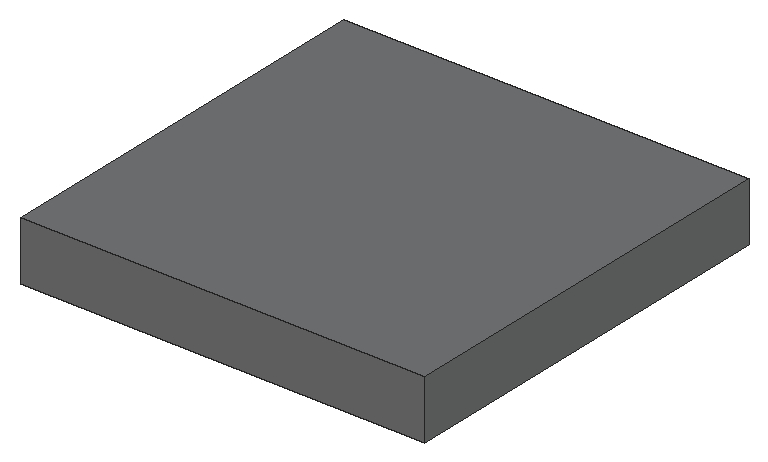
Revit family "Gira_536701", category Electrical Fixtures, host Face, Revit 2017
Family settings
  Host = Face
  Maintain Annotation Orientation = No
  Round Connector Dimension = Use Diameter
  Part Type = Normal
  Cut with Voids When Loaded = No
  Shared = No
  Room Calculation Point = No
Parameters (values of type "S3000 blind timer + timer BT System 55 cr.white")
  With LED indication = "No"
  URL = "http://katalog.gira.de/en/datenblatt.html?artikelnr=536701"
  Transparent = "No"
  Suitable for application with venetian shutter switch = "Yes"
  Suitable for application with switch = "Yes"
  Suitable for application with dimmer = "No"
  Number of actuation points = "4"
  Name = "S3000 blind timer + timer BT System 55 cr.white"
  Manufacturer URL = "https://www.gira.de/"
  Manufacturer = "Gira"
  Keynote = ""
  HeinzeBIM = "https://bimportal.heinze.de/bim/s3000-blind-timer-timer-bt-system-55-cr-white/6d378664afd2777d072a707781445c486bc11c15"
  HAN = "536701"
  GTIN = "4010337027508"
  Description = "S3000 blind tim. tim.BT Sys55 CW,System 3000 blind timer and timer BT,,cream white glossy,Features:,- Manual and time-controlled operation of e.g. blinds, shutters, awnings, lighting or fans.,- Operation and programming with mobile end device (smartphone or tablet) via Bluetooth using the Gira Bluetooth app.,- Operation on System 3000 switching, dimming or blind insert or auxiliary insert 3-wire.,Functions on the top unit:,- Operation of hangings and lighting.,- The blocking function blocks operation of the auxiliary unit and deactivates automatic mode.,- Activate deactivate automatic mode.,- The runtime and an individual intermediate position can be saved using the System 3000 blind controller insert.,- Switch-on brightness of lighting can be saved using System 3000 dimming insert or DALI Power control unit.,- Adjustbable night mode. Status LED and function LED are not lit up continuously.,Functions with the Gira Bluetooth app:,- Operation of hangings and lighting with status feedback.,- Display the current hanging position or dimmer setting.,- Programming of up to 40 individual switching times.,- Blind or slat positions or switching and dimming values can be stored for each switching time.,- Switching times can be copied to other devices.,- Switching at sunrise or sunset (astro function).,- Astro time can be optimised by determining the location.,- Astro time shift adjustable.,- Random function.,- Automatic date and time refresh when connecting smartphones or tablets.,- Password protection possible for time programs and configuration (as of app version 2).,- Save a hanging position, hanging runtime, slat reversal time.,- Changeover to inverse operation possible for blind inserts.,- Maximum brightness and minimum brightness adjustable for dimming insert.,- Optional: Sun protection and twilight function are possible with System 3000 brightness and temperature sensor Bluetooth.,,Notes :,- The time is updated upon connection to the Gira Bluetooth app."
  Default Elevation = 1219.2 mm
  Data sheet (1) = "https://katalog.gira.de/en/download.html?artikelnr=536701"
  Category = "Intelligent control element"
  BIM (1) = "https://media.stage.bim.site/public/gira/36a6b08/Sys55_Abdeckung_Schalten und Tasten.rfa?public/gira/36a6b08/Sys55_Abdeckung_Schalten und Tasten.rfa"
  Available = "No"
  Application = "Control of electrical users"
  Anthrazit [instance] = Anthrazit
Reference planes
  plane 1 "Center (Front/Back)": y = 0
  plane 2: z = 0
  plane 3 "Center (Left/Right)": x = 0
Forms (mm)
  Extrusion 1, solid, material "Anthrazit" <- "Anthrazit", detail levels fine
    sketch origin (0, 0, 0) x (1, 0, 0) y (0, 1, 0)
      loop
        line (-27.5, 27.5) -> (-27.5, -27.5) -> (27.5, -27.5) -> (27.5, 27.5) -> (-27.5, 27.5)
    from 0 to 8
  Extrusion 2, void
    sketch origin (0, 0, 0) x (1, 0, 0) y (0, 1, 0)
      loop
        line (26, 26) -> (-26, 26) -> (-26, -26) -> (26, -26) -> (26, 26)
    from 0 to 6
  Extrusion 3, solid, material "Anthrazit" <- "Anthrazit", detail levels medium
    sketch origin (0, 0, 0) x (1, 0, 0) y (0, 1, 0)
      loop
        line (-27.5, 27.5) -> (-27.5, -27.5) -> (27.5, -27.5) -> (27.5, 27.5) -> (-27.5, 27.5)
    from 0 to 8
  Extrusion 4, solid, material "Anthrazit" <- "Anthrazit", detail levels medium
    sketch origin (0, 0, 0) x (1, 0, 0) y (0, 1, 0)
      loop
        line (11, -17.5) -> (11, 17.5) -> (-11, 17.5) -> (-11, -17.5) -> (11, -17.5)
    from -6 to 6
  Extrusion 5, solid, material "Anthrazit" <- "Anthrazit", detail levels fine
    sketch origin (0, 0, 0) x (1, 0, 0) y (0, 1, 0)
      loop
        line (11, 17.5) -> (-11, 17.5) -> (-11, 16.5) -> (11, 16.5) -> (11, 17.5)
      loop
        line (-11, -16.5) -> (-11, -17.5) -> (11, -17.5) -> (11, -16.5) -> (-11, -16.5)
    from -4 to 6
  Extrusion 6, solid, material "Anthrazit" <- "Anthrazit", detail levels fine
    sketch origin (0, 0, 0) x (1, 0, 0) y (0, 1, 0)
      loop
        arc (5, 9.347) -> (0, 10.6) -> (-5, 9.347) r 10.6
        line (-5, 9.347) -> (-5, -9.347)
        arc (-5, -9.347) -> (0, -10.6) -> (5, -9.347) r 10.6
        line (5, -9.347) -> (5, 9.347)
    from -6 to 6
  Extrusion 7, solid, material "Anthrazit" <- "Anthrazit", detail levels coarse
    sketch origin (0, 0, 0) x (1, 0, 0) y (0, 1, 0)
      loop
        line (-27.5, 27.5) -> (-27.5, -27.5) -> (27.5, -27.5) -> (27.5, 27.5) -> (-27.5, 27.5)
    from -6 to 8
Cuts and joins
  Extrusion 2 cuts Extrusion 1
Dimensions and locks
  aligned and locked: plane 2 to host face
  aligned and locked: level to host face
